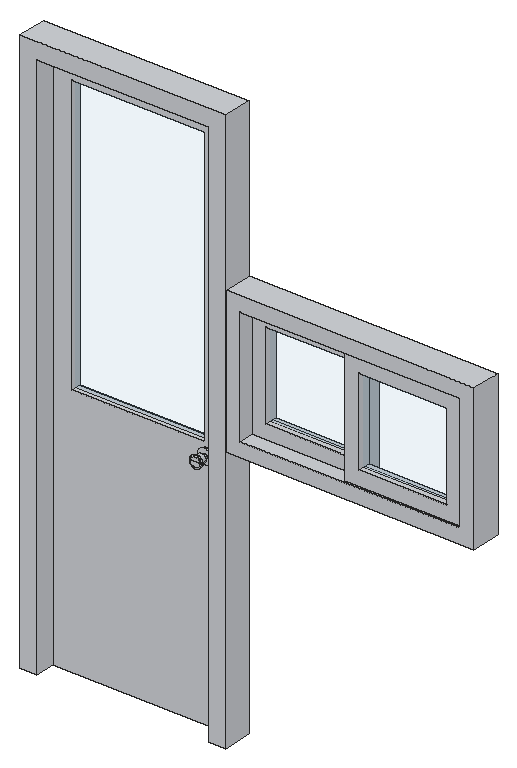
Revit family "D7_鋁門1", category 門, Revit 2014
Parameters (values of type "(85+103) x 235 cm 2")
  玻璃 = 玻璃
  熱阻 (R) = 0.270117 (m²·K)/W
  Visual Light Transmittance = 0
  Solar Heat Gain Coefficient = 0
  營造類型 Id = "MDOOR"
  關鍵註記 = "單開門-矩形"
  傳熱係數 (U) = 3.7021 W/(m²·K)
  功能 = 室內
  門扇材料 = none
  門扇寬度 = Width - 2 * 開門側框寬度  # 750 mm
  門扇厚度 = 40 mm
  Assembly Code = ""
  Rough Height = Height  # 2350 mm
  Rough Width = Width  # 850 mm
  框架深度 = 120 mm
  框擋板寬度 = 門扇厚度 / 2  # 20 mm
  框總寬度 [instance] = 開門側框寬度 + 框擋板寬度  # 70 mm
  Height = 2350 mm
  牆封閉 = 依主體
  框架材料 = none
  開門側框寬度 = 50 mm
  握把五金 = none
  Width = 850 mm
  操作 = "左單開門方向"
  解析營造 = "金屬"
Reference planes
  plane 1: y = -210
  plane 2 "中心 (左/右)": x = 0
  plane 3 "左": x = -425
  plane 4 "右": x = 425
  plane 5: z = 2350
  plane 6 "外部": y = -135
  plane 7 "內部": y = -285
  plane 8: y = 320
  plane 9: y = -740
  plane 10: z = 1050
Forms (mm)
  Sweep 1, solid, material <- "框架材料"
    path origin (-5000, -210, 0) x (-1, 0, 0) y (0, 0, 1)
      loop
        line (-5425, 0) -> (-5425, 2350) -> (-4575, 2350) -> (-4575, 0)
    profile origin (425, -210, 1175) x (1, 0, 0) y (0, 1, 0)
      loop
        line (0, 60) -> (-50, 60) -> (-50, 20) -> (-70, 20) -> (-70, -60) -> (0, -60) -> (0, 60)
  Extrusion 2, solid, material <- "門扇材料"
    sketch origin (-5000, -210, 0) x (1, 0, 0) y (0, 0, 1)
      loop
        line (4625, 2300) -> (4625, 0) -> (5375, 0) -> (5375, 2300) -> (4625, 2300)
      loop
        line (5275, 1050) -> (5275, 2200) -> (4725, 2200) -> (4725, 1050) -> (5275, 1050)
    from -60 to -20
  Extrusion 3, solid, material "玻璃" <- "玻璃"
    sketch origin (-5000, -210, 0) x (1, 0, 0) y (0, 0, 1)
      loop
        line (5275, 2200) -> (4725, 2200) -> (4725, 1050) -> (5275, 1050) -> (5275, 2200)
    from -55 to -35
Lines and regions (mm)
  Opening 1
    outline origin (-3050, -285, 0) x (1, 0, 0) y (0, 0, 1)
      loop
        line (2625, 0) -> (3475, 0) -> (3475, 2350) -> (2625, 2350) -> (2625, 0)
  symbolic lines, style "Doors"
    curve 1: line (-375, -150, 0) -> (-335, -150, 0)
    curve 2: line (-375, 600, 0) -> (-375, -150, 0)
    curve 3: line (-335, 600, 0) -> (-375, 600, 0)
    curve 4: line (-335, -150, 0) -> (-335, 600, 0)
  symbolic lines, style "平面圖打開方向"
    curve 5: arc (375, -150, 0) -> (169.289, 365.994, 0) -> (-335, 598.933, 0) r 750
  symbolic lines, style "DoorsFrameMullionProjection"
    curve 6: line (-375, -150, 0) -> (-425, -150, 0)
    curve 7: line (-375, -270, 0) -> (-375, -150, 0)
    curve 8: line (-425, -270, 0) -> (-375, -270, 0)
    curve 9: line (-425, -150, 0) -> (-425, -270, 0)
    curve 10: line (375, -150, 0) -> (425, -150, 0)
    curve 11: line (375, -270, 0) -> (375, -150, 0)
    curve 12: line (425, -270, 0) -> (375, -270, 0)
    curve 13: line (425, -150, 0) -> (425, -270, 0)
  symbolic lines, style "立面圖打開方向"
    curve 14: line (-425, -285, 1050) -> (425, -285, 0)
    curve 15: line (-425, -135, 1050) -> (425, -135, 2350)
  model lines
    curve 16: line (275, -190, 950) -> (-275, -190, 950)
    curve 17: line (275, -190, 100) -> (275, -190, 950)
    curve 18: line (-275, -190, 100) -> (275, -190, 100)
    curve 19: line (-275, -190, 950) -> (-275, -190, 100)
    curve 20: line (-217.778, -190, 950) -> (-217.778, -190, 100)
    curve 21: line (-160.556, -190, 950) -> (-160.556, -190, 100)
    curve 22: line (-103.333, -190, 950) -> (-103.333, -190, 100)
    curve 23: line (-46.111, -190, 950) -> (-46.111, -190, 100)
    curve 24: line (11.111, -190, 950) -> (11.111, -190, 100)
    curve 25: line (68.333, -190, 950) -> (68.333, -190, 100)
    curve 26: line (125.556, -190, 950) -> (125.556, -190, 100)
    curve 27: line (182.778, -190, 950) -> (182.778, -190, 100)
    curve 28: line (240, -190, 950) -> (240, -190, 100)
    curve 29: line (275, -150, 950) -> (-275, -150, 950)
    curve 30: line (275, -150, 100) -> (275, -150, 950)
    curve 31: line (-275, -150, 100) -> (275, -150, 100)
    curve 32: line (-275, -150, 950) -> (-275, -150, 100)
    curve 33: line (-240, -150, 950) -> (-240, -150, 100)
    curve 34: line (-180, -150, 950) -> (-180, -150, 100)
    curve 35: line (-120, -150, 950) -> (-120, -150, 100)
    curve 36: line (-60, -150, 950) -> (-60, -150, 100)
    curve 37: line (0, -150, 950) -> (0, -150, 100)
    curve 38: line (60, -150, 950) -> (60, -150, 100)
    curve 39: line (120, -150, 950) -> (120, -150, 100)
    curve 40: line (180, -150, 950) -> (180, -150, 100)
    curve 41: line (240, -150, 950) -> (240, -150, 100)
Text (mm)
  text "外部" at (-2295.016, 1099.543, 0), in view "參考樓層"
  text "外部" at (0, 1615.38, 3698.081), in view "左"
  text "外部" at (0, 1036.032, 3874.932), in view "右"
Dimensions and locks
  equal spacing: plane 3 "左", plane 2 "中心 (左/右)", plane 4 "右"
  "Width": plane 3 "左" to plane 4 "右"
  "Height": plane 5 to host wall
  host wall to plane 5 = 2350 mm  (x2)
  locked: plane 6 "外部" to host wall at 0
  locked: plane 7 "內部" to host wall
  equal spacing: Sweep 1 sketch curve, host wall, Sweep 1 sketch curve
  "框架深度": Sweep 1 sketch curve to Sweep 1 sketch curve
  "門扇厚度": Sweep 1 sketch curve to Sweep 1 sketch curve
  "開門側框寬度": Sweep 1 sketch curve to Sweep 1 sketch curve
  "框擋板寬度": Sweep 1 sketch curve to Sweep 1 sketch curve
  "Width": Sweep 1 sketch curve to Sweep 1 sketch curve
  "門扇厚度": curve 2 to curve 4
  "門扇寬度": curve 3 to curve 1
  "開門側框寬度": curve 11 to Sweep 1
  "開門側框寬度": curve 9 to curve 7
  equal spacing: Sweep 1, host wall, Sweep 1  (x2)
  "框架深度": Sweep 1 to Sweep 1  (x2)
  equal spacing: curve 6, plane 1, curve 8
  "框架深度": curve 6 to curve 8
  equal spacing: curve 12, plane 1, curve 10
  "框架深度": curve 12 to curve 10
  locked: nested 2 to Sweep 1 at 75
  locked: nested 1 to Sweep 1 at 75
  equal spacing: plane 8, plane 1, plane 9
  plane 8 to plane 9 = 1060 mm
  "門扇厚度": Extrusion 2 to Extrusion 2
  equal spacing: group 2, group 3, group 4, group 5, group 6, group 7, group 8, group 9, group 10, group 11  (x3)
  "門扇寬度": radius of curve 5
  aligned and locked: plane 3 "左" to Opening 1 sketch curve
  aligned and locked: plane 5 to Opening 1 sketch curve  (x2)
  aligned and locked: Opening 1 sketch curve to plane 4 "右"
  aligned and locked: Opening 1 sketch curve to level
  aligned and locked: plane 1 to host wall
  aligned and locked: Sweep 1 to Extrusion 2 sketch curve
  aligned and locked: Extrusion 2 sketch curve to Sweep 1  (x2)
  aligned and locked: level to Extrusion 2 sketch curve
  aligned and locked: Extrusion 2 to Sweep 1
  aligned and locked: nested 1 to Extrusion 2
  aligned and locked: Extrusion 2 to nested 2
  aligned and locked: plane 4 "右" to curve 15
  aligned and locked: plane 5 to curve 15
  aligned and locked: level to curve 14
  aligned and locked: plane 4 "右" to curve 14
  aligned and locked: plane 10 to curve 15
  aligned and locked: plane 3 "左" to curve 15
  aligned and locked: curve 14 to curve 15
  aligned and locked: plane 10 to Extrusion 2
  aligned and locked: Extrusion 2 to curve 32
  aligned and locked: Extrusion 2 to curve 19
  aligned and locked: nested 5 to Sweep 1
Automatic sketch dimensions
  curve 14 to plane 10 = 0 mm
  plane 4 "右" to Sweep 1 sketch curve = 0 mm
  Sweep 1 sketch curve to plane 5 = 0 mm
  Sweep 1 sketch curve to level = 0 mm  (x2)
  Sweep 1 sketch curve to profile plane = 0 mm
  curve 9 to plane 3 "左" = 0 mm
  curve 13 to plane 4 "右" = 0 mm
  Extrusion 2 sketch curve to plane 10 = 0 mm
  Extrusion 2 sketch curve to plane 3 "左" = 150 mm
  plane 5 to Extrusion 2 sketch curve = 150 mm
  Extrusion 2 sketch curve to Extrusion 2 sketch curve = 100 mm
  Extrusion 3 sketch curve to plane 10 = 0 mm
  Extrusion 3 sketch curve to plane 3 "左" = 150 mm
  plane 5 to Extrusion 3 sketch curve = 150 mm
  plane 4 "右" to Extrusion 3 sketch curve = 150 mm
  Extrusion 2 to curve 18 = 0 mm  (x2)
  curve 18 to Extrusion 2 = 100 mm
  Extrusion 2 to curve 16 = 0 mm
  curve 17 to Extrusion 2 = 100 mm
  plane 4 "右" to curve 31 = 150 mm
  curve 30 to plane 10 = 100 mm
  curve 31 to plane 3 "左" = 150 mm
  curve 29 to plane 3 "左" = 150 mm
  level to curve 30 = 100 mm
Nested families
  nested 1: "喇叭鎖" at (355, -190, 0) x (-1, 0, 0) z (0, 0, 1), type "喇叭鎖"
  nested 2: "喇叭鎖" at (355, -150, 0) x (-1, 0, 0) z (0, 0, 1), type "喇叭鎖"
  nested 3: "喇叭鎖" at (365, 60, 1000), type "喇叭鎖", not visible
  nested 4: "喇叭鎖" at (365, 20, 1000), type "喇叭鎖", not visible
  nested 5: "雙開窗- (1)" at (940, -390, 0) x (-1, 0, 0) z (0, 0, 1), type "103 x 60 cm"
    with Height 600 mm, 預設窗台高度 1100 mm, Rough Height 600 mm, Rough Width 1030 mm, Width 1030 mm
Definition of nested family "喇叭鎖"
  Parameters (values of type "喇叭鎖")
    Assembly Code = ""
    握把高度 = 1000 mm
    握把與版面側邊距離 = 75 mm
    握把五金 = none
  Reference planes
    plane 1 "中心 (前/後)": y = 0
    plane 2: z = 0
    plane 3 "中心 (左/右)": x = 0
    plane 4: x = 75
  Forms (mm)
    Revolve 1, solid, material <- "握把五金"
      sketch origin (511.236, -60, 1000) x (1, 0, 0) y (0, 1, 0)
        loop
          line (-436.236, 60) -> (-406.236, 60) -> (-406.236, 66) -> (-426.236, 66) -> (-426.236, 85) -> (-417.636, 85) -> (-411.236, 109.7) -> (-411.236, 113.2) -> (-415.736, 115) -> (-436.236, 115) -> (-436.236, 60)
        axis (-436.236, 60) -> (-436.236, 115)
      angle from 0 to 360
  Dimensions and locks
    "握把與版面側邊距離": plane 3 "中心 (左/右)" to plane 4
    "握把高度": Revolve 1 to level
  Automatic sketch dimensions
    plane 3 "中心 (左/右)" to Revolve 1 sketch curve = 75 mm  (x2)
    Revolve 1 sketch curve to plane 1 "中心 (前/後)" = 0 mm
    plane 3 "中心 (左/右)" to Revolve 1 sketch curve = 85 mm
    Revolve 1 sketch curve to Revolve 1 sketch curve = 8.6 mm
    plane 3 "中心 (左/右)" to Revolve 1 sketch curve = 95.5 mm
    Revolve 1 sketch curve to Revolve 1 sketch curve = 4.5 mm
    Revolve 1 sketch curve to Revolve 1 sketch curve = 20 mm
    plane 1 "中心 (前/後)" to Revolve 1 sketch curve = 60 mm
    Revolve 1 sketch curve to Revolve 1 sketch curve = 6 mm
    Revolve 1 sketch curve to Revolve 1 sketch curve = 19 mm
    Revolve 1 sketch curve to Revolve 1 sketch curve = 24.7 mm
    Revolve 1 sketch curve to Revolve 1 sketch curve = 3.5 mm
    Revolve 1 sketch curve to Revolve 1 sketch curve = 1.8 mm
    Revolve 1 sketch curve to Revolve 1 sketch curve = 200 mm
Definition of nested family "雙開窗- (1)"
  Parameters (values of type "100 x 150 cm")
    Visual Light Transmittance = 0.9
    Solar Heat Gain Coefficient = 0.78
    Construction Type Id = ""
    Height = 1500 mm
    Heat Transfer Coefficient (U) = 3.6886 W/(m²·K)
    預設窗台高度 = 900 mm
    Keynote = "雙開窗"
    Rough Height = Height  # 1500 mm
    Rough Width = Width  # 1000 mm
    裝飾外框寬度 = 60 mm
    玻璃材質 = none
    Wall Closure = (empty or 0)
    裝飾外框材料 = none
    裝飾外框厚度 = 120 mm
    Width = 1000 mm
    Operation = "垂直雙重面板"
    內部框架材料 = none
    內框寬度 = 60 mm
    內框厚度 = 50 mm
    Analytic Construction = (empty or 0)
  Reference planes
    plane 1: y = -180
    plane 2 "中心 (左/右)": x = 0
    plane 3 "左": x = -500
    plane 4 "右": x = 500
    plane 5 "窗台": z = 900
    plane 6 "窗頂": z = 2400
    plane 7 "外部": y = -105
    plane 8 "內部": y = -255
    plane 9: x = -30
    plane 10: x = 30
    plane 11: y = -120
    plane 12: y = -240
    plane 13: x = -440
    plane 14: x = 440
    plane 15: z = 2340
    plane 16: z = 960
  Forms (mm)
    Extrusion 1, solid, material <- "裝飾外框材料"
      sketch origin (0, -180, 0) x (1, 0, 0) y (0, 0, 1)
        loop
          line (-500, 2400) -> (-500, 900) -> (500, 900) -> (500, 2400) -> (-500, 2400)
        loop
          line (-440, 2340) -> (-440, 960) -> (440, 960) -> (440, 2340) -> (-440, 2340)
      from 60 to -60
  Lines and regions (mm)
    Opening 1
      outline origin (3442.648, -255, 0) x (1, 0, 0) y (0, 0, 1)
        loop
          line (-2942.648, 900) -> (-2942.648, 2400) -> (-3942.648, 2400) -> (-3942.648, 900) -> (-2942.648, 900)
  Text (mm)
    text "外部" at (-1963.203, 1332.353, 0), in view "參考樓層"
    text "內部" at (-1981.466, -818.386, 0), in view "參考樓層"
    text "外部" at (0, 923.751, 2943.296), in view "右"
    text "外部" at (0, 1040.484, 2685.409), in view "左"
  Dimensions and locks
    equal spacing: plane 3 "左", plane 2 "中心 (左/右)", plane 4 "右"
    "Width": plane 3 "左" to plane 4 "右"
    "Height": plane 5 "窗台" to plane 6 "窗頂"
    "預設窗台高度": plane 5 "窗台" to level
    locked: plane 7 "外部" to host wall at 0
    locked: plane 8 "內部" to host wall
    equal spacing: plane 9, plane 2 "中心 (左/右)", plane 10
    "內框寬度": plane 9 to plane 10
    equal spacing: plane 11, plane 1, plane 12
    "裝飾外框厚度": plane 11 to plane 12
    "裝飾外框寬度": plane 6 "窗頂" to plane 15
    "裝飾外框寬度": plane 16 to plane 5 "窗台"
    "裝飾外框寬度": plane 3 "左" to plane 13
    "裝飾外框寬度": plane 14 to plane 4 "右"
    aligned and locked: plane 1 to nested 1
    aligned and locked: plane 1 to nested 2
    aligned and locked: nested 1 to plane 10
    aligned and locked: nested 2 to plane 9
    aligned and locked: plane 1 to host wall
    aligned and locked: host wall to Extrusion 1 sketch curve
    aligned and locked: Extrusion 1 sketch curve to host wall  (x3)
    aligned and locked: Opening 1 sketch curve to plane 6 "窗頂"
    aligned and locked: Opening 1 sketch curve to plane 4 "右"
    aligned and locked: Opening 1 sketch curve to plane 5 "窗台"
    aligned and locked: Opening 1 sketch curve to plane 3 "左"
    aligned and locked: Extrusion 1 sketch curve to plane 15
    aligned and locked: plane 13 to Extrusion 1 sketch curve
    aligned and locked: Extrusion 1 sketch curve to plane 14
    aligned and locked: plane 16 to Extrusion 1 sketch curve
    aligned and locked: plane 15 to nested 2
    aligned and locked: plane 16 to nested 2
    aligned and locked: nested 1 to plane 15
    aligned and locked: nested 1 to plane 16
    aligned and locked: nested 1 to plane 13
    aligned and locked: plane 14 to nested 2
    aligned and locked: plane 11 to Extrusion 1
    aligned and locked: Extrusion 1 to plane 12
  Nested families
    nested 1: "窗框" at (-504.928, -1099.367, -40), type "窗框"
      with Height 1380 mm, Width 535 mm
    nested 2: "窗框" at (-29.928, 739.367, -40), type "窗框"
      with Height 1380 mm, Width 535 mm
  Definition of nested family "窗框"
    Parameters (values of type "窗框")
      Height [instance] = 500 mm
      護桿寬度 = 20 mm
      護桿厚度 = 10 mm
      Rough Height = 500 mm
      Rough Width = 600 mm
      Width [instance] = 600 mm
      裝飾外框材料 = none
      玻璃材質 = none
      玻璃厚度 = 10 mm
      裝飾外框寬度 = 60 mm
      裝飾外框厚度 = 50 mm
      Assembly Code = ""
    Reference planes
      plane 1 "中心 (前/後)": y = -919.367
      plane 2: z = 0
      plane 3 "中心 (左/右)": x = 267.428
      plane 4 "玻璃-上": y = -939.367
      plane 5 "玻璃-下": y = -949.367
      plane 6: y = -969.367
      plane 7: x = -32.572
      plane 8: x = 567.428
      plane 9: x = 27.428
      plane 10: x = 507.428
      plane 11: z = 1440
      plane 12: z = 1500
      plane 13: z = 1060
      plane 14: z = 1000
      plane 15: y = -944.367
    Forms (mm)
      Extrusion 1, solid, material <- "玻璃材質"
        sketch origin (-1499.274, -944.367, 1200) x (-1, 0, 0) y (0, 0, 1)
          loop
            line (-1526.702, 240) -> (-2006.702, 240) -> (-2006.702, -140) -> (-1526.702, -140) -> (-1526.702, 240)
        from -5 to 5
      Extrusion 2, solid, material <- "裝飾外框材料"
        sketch origin (-1499.274, -944.367, 1200) x (-1, 0, 0) y (0, 0, 1)
          loop
            line (-1466.702, 300) -> (-2066.702, 300) -> (-2066.702, -200) -> (-1466.702, -200) -> (-1466.702, 300)
          loop
            line (-1526.702, 240) -> (-2006.702, 240) -> (-2006.702, -140) -> (-1526.702, -140) -> (-1526.702, 240)
        from -25 to 25
    Dimensions and locks
      equal spacing: plane 10, plane 3 "中心 (左/右)", plane 9
      "裝飾外框寬度": plane 8 to plane 10
      "裝飾外框寬度": plane 9 to plane 7
      "裝飾外框寬度": plane 12 to plane 11
      "Width": plane 8 to plane 7
      "裝飾外框寬度": plane 13 to plane 14
      "Height": plane 12 to plane 14
      plane 14 to level = 1000 mm
      equal spacing: plane 4 "玻璃-上", plane 15, plane 5 "玻璃-下"
      "玻璃厚度": plane 4 "玻璃-上" to plane 5 "玻璃-下"
      equal spacing: plane 6, plane 15, plane 1 "中心 (前/後)"
      "裝飾外框厚度": plane 6 to plane 1 "中心 (前/後)"
      aligned and locked: Extrusion 1 sketch curve to plane 11
      aligned and locked: plane 9 to Extrusion 1 sketch curve
      aligned and locked: Extrusion 1 sketch curve to plane 10
      aligned and locked: plane 13 to Extrusion 1 sketch curve
      aligned and locked: plane 7 to Extrusion 2 sketch curve
      aligned and locked: Extrusion 2 sketch curve to plane 12
      aligned and locked: Extrusion 2 sketch curve to plane 8
      aligned and locked: plane 9 to Extrusion 2 sketch curve
      aligned and locked: plane 13 to Extrusion 2 sketch curve
      aligned and locked: Extrusion 2 sketch curve to plane 10
      aligned and locked: Extrusion 2 sketch curve to plane 11
      aligned and locked: Extrusion 2 sketch curve to plane 14
      aligned and locked: plane 2 to level
      aligned and locked: plane 6 to Extrusion 2
      aligned and locked: plane 1 "中心 (前/後)" to Extrusion 2
      aligned and locked: plane 5 "玻璃-下" to Extrusion 1
      aligned and locked: plane 4 "玻璃-上" to Extrusion 1
